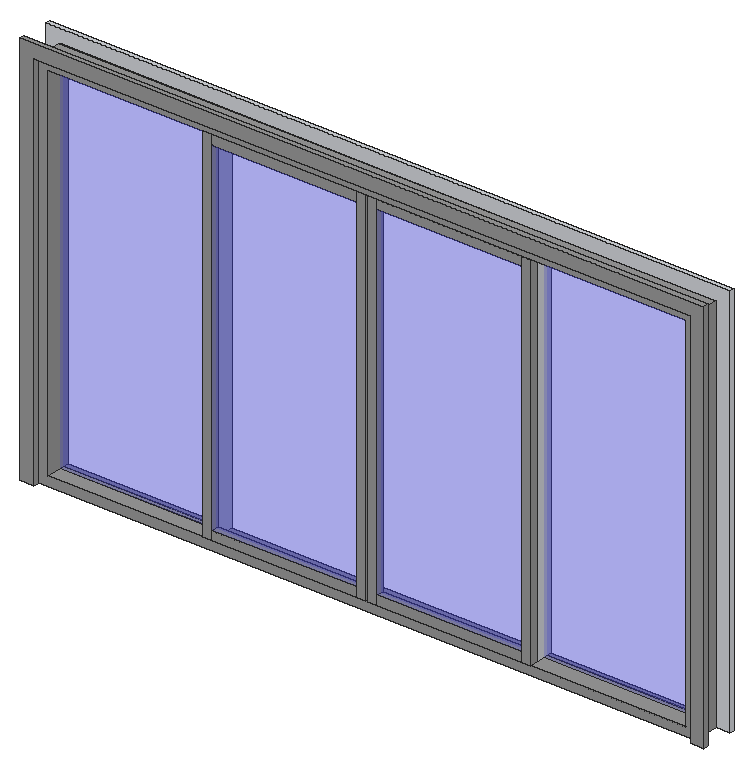
Revit family "Family76", category Doors, host Wall, Revit 2018
Family settings
  Host = Wall
  OmniClass Number = 23.30.10.00
  OmniClass Title = Doors
  Always vertical = Yes
  Cut with Voids When Loaded = No
  Shared = No
  Room Calculation Point = No
Parameters
  Visual Light Transmittance = 0
  URL = "www.skywardwindows.co.za"
  Thermal Resistance (R) = 0.2429 (m²·K)/W
  Telephone = "021 276 1800"
  Solar Heat Gain Coefficient = 0
  Slide door thickness = 42 mm
  Manufacturer = "Skyward Windows"
  Heat Transfer Coefficient (U) = 4.1165 W/(m²·K)
  Glass Thickness = 4 mm
  Glass = Glass
  Function = Interior
  Frame Projection Ext. = 25 mm
  Frame Projection Int. = 25 mm
  Frame Width = 75 mm
  Height = 2090 mm
  Wall Closure = By host
  Width = 3590 mm
  Email Address = "info@skywardwindows.co.za"
  Door thickness = 140.498 mm
  Door Frame = White
  Company Address = "Charles Matthews Street Atlantis 7349"
  Analytic Construction = "Metal frame, double glass door"
Reference planes
  plane 1: y = 0
  plane 2 "Center (Left/Right)": x = 0
  plane 3 "Left": x = -1795
  plane 4 "Right": x = 1795
  plane 5: z = 2090
  plane 6 "Exterior": y = 75
  plane 7 "Interior": y = -75
Forms (mm)
  Extrusion 1, solid, material "White" <- "Door Frame"
    sketch origin (-3050, -75, 0) x (1, 0, 0) y (0, 0, 1)
      loop
        line (1180, 0) -> (1255, 0) -> (1255, 2090) -> (4845, 2090) -> (4845, 0) -> (4920, 0) -> (4920, 2165) -> (1180, 2165) -> (1180, 0)
    from 0 to 25
  Extrusion 2, solid
    sketch origin (-3050, 75, 0) x (-1, 0, 0) y (0, 0, 1)
      loop
        line (-1255, 0) -> (-1180, 0) -> (-1180, 2165) -> (-4920, 2165) -> (-4920, 0) -> (-4845, 0) -> (-4845, 2090) -> (-1255, 2090) -> (-1255, 0)
    from 0 to 25
  Extrusion 3, solid, material "White" <- "Door Frame"
    sketch origin (0, -75, 0) x (1, 0, 0) y (0, 0, 1)
      loop
        line (-1795, 2090) -> (-1795, 0) -> (1795, 0) -> (1795, 2090) -> (-1795, 2090)
      loop
        line (-1745, 50) -> (1745, 50) -> (1745, 2040) -> (-1745, 2040) -> (-1745, 50)
    from -145.546 to -5.048
  Extrusion 4, solid, material "White" <- "Door Frame"
    sketch origin (0, -75, 0) x (1, 0, 0) y (0, 0, 1)
      loop
        line (-897.5, 2040) -> (-897.5, 50) -> (-5, 50) -> (-5, 2040) -> (-897.5, 2040)
      loop
        line (-847.5, 1990) -> (-847.5, 100) -> (-55, 100) -> (-55, 1990) -> (-847.5, 1990)
    from -47.048 to -5.048
  Extrusion 5, solid, material "White" <- "Door Frame"
    sketch origin (902.5, -75, 0) x (1, 0, 0) y (0, 0, 1)
      loop
        line (-897.5, 2040) -> (-897.5, 50) -> (-5, 50) -> (-5, 2040) -> (-897.5, 2040)
      loop
        line (-847.5, 1990) -> (-847.5, 100) -> (-55, 100) -> (-55, 1990) -> (-847.5, 1990)
    from -47.048 to -5.048
  Extrusion 6, solid
    sketch origin (0, 0, 0) x (1, 0, 0) y (0, 1, 0)
      loop
        line (-897.5, -27.952) -> (-847.693, -27.952) -> (-847.693, 70.546) -> (-897.5, 70.546) -> (-897.5, -27.952)
      loop
        line (897.5, -27.952) -> (897.5, 70.546) -> (847.388, 70.546) -> (847.388, -27.952) -> (897.5, -27.952)
    from 50 to 2040
  Extrusion 7, solid, material "Glass" <- "Glass"
    sketch origin (0, -8.75, 0) x (1, 0, 0) y (0, 1, 0)
      loop
        line (-1745, 49.5) -> (-1745, 45.5) -> (-897.5, 45.5) -> (-897.5, 49.5) -> (-1745, 49.5)
      loop
        line (-897.5, 25.5) -> (-1745, 25.5) -> (-1745, 21.5) -> (-897.5, 21.5) -> (-897.5, 25.5)
    from 50 to 2040
  Extrusion 8, solid, material "Glass" <- "Glass"
    sketch origin (0, -5, 0) x (1, 0, 0) y (0, 1, 0)
      loop
        line (897.5, 49.5) -> (897.5, 45.5) -> (1745, 45.5) -> (1745, 49.5) -> (897.5, 49.5)
      loop
        line (897.5, 25.5) -> (897.5, 21.5) -> (1745, 21.5) -> (1745, 25.5) -> (897.5, 25.5)
    from 50 to 2040
  Extrusion 9, solid, material "Glass" <- "Glass"
    sketch origin (842.5, -89.022, 0) x (1, 0, 0) y (0, 1, 0)
      loop
        line (-1690, 49.5) -> (-1690, 45.5) -> (-897.5, 45.5) -> (-897.5, 49.5) -> (-1690, 49.5)
      loop
        line (-897.5, 25.5) -> (-1690, 25.5) -> (-1690, 21.5) -> (-897.5, 21.5) -> (-897.5, 25.5)
    from 50 to 2040
  Extrusion 10, solid, material "Glass" <- "Glass"
    sketch origin (1745, -89.022, 0) x (1, 0, 0) y (0, 1, 0)
      loop
        line (-1690, 49.5) -> (-1690, 45.5) -> (-897.5, 45.5) -> (-897.5, 49.5) -> (-1690, 49.5)
      loop
        line (-897.5, 25.5) -> (-1690, 25.5) -> (-1690, 21.5) -> (-897.5, 21.5) -> (-897.5, 25.5)
    from 50 to 2040
Lines and regions (mm)
  Opening 1
    outline origin (-3050, -75, 0) x (1, 0, 0) y (0, 0, 1)
      loop
        line (1255, 0) -> (4845, 0) -> (4845, 2090) -> (1255, 2090) -> (1255, 0)
  symbolic lines, style "Elevation Swing"
    curve 1: line (1795, -75, 1045) -> (-1795, -75, 2090)
    curve 2: line (1795, -75, 1045) -> (-1795, -75, 0)
Text (mm)
  text "Exterior" at (-2295.016, 1099.543, 0), in view "Ref. Level"
  text "Exterior" at (0, 1615.38, 3698.081), in view "Left"
  text "Exterior" at (0, 1036.032, 3874.932), in view "Right"
Dimensions and locks
  equal spacing: plane 3 "Left", plane 2 "Center (Left/Right)", plane 4 "Right"
  "Width": plane 3 "Left" to plane 4 "Right"
  "Height": plane 5 to host wall
  equal spacing: host wall, curve 2, plane 5
  host wall to plane 5 = 2090 mm
  "Frame Projection Ext.": Extrusion 2 to Extrusion 2
  "Frame Projection Int.": Extrusion 1 to Extrusion 1
  "Frame Width": plane 3 "Left" to Extrusion 1 sketch curve
  "Frame Width": plane 4 "Right" to Extrusion 1 sketch curve
  "Frame Width": Extrusion 1 sketch curve to plane 5
  "Frame Width": plane 4 "Right" to Extrusion 2 sketch curve
  "Frame Width": plane 3 "Left" to Extrusion 2 sketch curve
  "Frame Width": plane 5 to Extrusion 2 sketch curve
  locked: plane 6 "Exterior" to host wall at 0
  locked: plane 7 "Interior" to host wall
  "Door thickness": Extrusion 3 to Extrusion 3
  "Slide door thickness": Extrusion 4 to Extrusion 4
  "Slide door thickness": Extrusion 5 to Extrusion 5
  "Glass Thickness": Extrusion 8 to Extrusion 8  (x2)
  aligned and locked: plane 3 "Left" to Opening 1 sketch curve
  aligned and locked: plane 5 to Opening 1 sketch curve  (x2)
  aligned and locked: Opening 1 sketch curve to plane 4 "Right"
  aligned and locked: Opening 1 sketch curve to level
  aligned and locked: level to Extrusion 1 sketch curve
  aligned and locked: plane 5 to Extrusion 1 sketch curve  (x2)
  aligned and locked: Extrusion 1 sketch curve to plane 4 "Right"
  aligned and locked: plane 3 "Left" to Extrusion 1 sketch curve
  aligned and locked: plane 3 "Left" to Extrusion 2 sketch curve
  aligned and locked: plane 5 to Extrusion 2 sketch curve  (x2)
  aligned and locked: level to Extrusion 2 sketch curve
  aligned and locked: plane 5 to curve 1
  aligned and locked: plane 3 "Left" to curve 2
  aligned and locked: plane 1 to host wall
  aligned and locked: plane 3 "Left" to curve 1
  aligned and locked: Extrusion 3 to Extrusion 4
  aligned and locked: Extrusion 6 sketch curve to Extrusion 4  (x2)
  aligned and locked: Extrusion 3 to Extrusion 6 sketch curve
  aligned and locked: Extrusion 6 sketch curve to Extrusion 5  (x2)
  aligned and locked: Extrusion 6 sketch curve to Extrusion 3
  aligned and locked: Extrusion 3 to Extrusion 7 sketch curve
  aligned and locked: Extrusion 7 sketch curve to Extrusion 3
  aligned and locked: Extrusion 3 to Extrusion 8 sketch curve  (x2)
  aligned and locked: Extrusion 8 to Extrusion 3  (x2)
  aligned and locked: Extrusion 7 to Extrusion 3  (x2)
Automatic sketch dimensions
  curve 2 to level = 0 mm
  plane 4 "Right" to curve 2 = 0 mm
  Extrusion 1 sketch curve to level = 0 mm
  plane 4 "Right" to Extrusion 2 sketch curve = 0 mm
  Extrusion 2 sketch curve to level = 0 mm
  Extrusion 3 sketch curve to level = 0 mm
  plane 3 "Left" to Extrusion 3 sketch curve = 0 mm
  plane 4 "Right" to Extrusion 3 sketch curve = 0 mm
  Extrusion 3 sketch curve to plane 5 = 0 mm
  Extrusion 3 sketch curve to plane 3 "Left" = 50 mm
  plane 4 "Right" to Extrusion 3 sketch curve = 50 mm
  level to Extrusion 3 sketch curve = 50 mm
  plane 5 to Extrusion 3 sketch curve = 50 mm
  level to Extrusion 4 sketch curve = 50 mm
  Extrusion 4 sketch curve to plane 2 "Center (Left/Right)" = 897.5 mm
  Extrusion 4 sketch curve to Extrusion 4 sketch curve = 50 mm  (x2)
  Extrusion 4 sketch curve to plane 2 "Center (Left/Right)" = 55 mm
  Extrusion 4 sketch curve to plane 2 "Center (Left/Right)" = 5 mm
  plane 5 to Extrusion 4 sketch curve = 100 mm
  plane 5 to Extrusion 4 sketch curve = 50 mm
  Extrusion 4 sketch curve to Extrusion 4 sketch curve = 0 mm
  plane 2 "Center (Left/Right)" to Extrusion 5 sketch curve = 5 mm
  plane 2 "Center (Left/Right)" to Extrusion 5 sketch curve = 55 mm
  level to Extrusion 5 sketch curve = 100 mm
  Extrusion 5 sketch curve to Extrusion 5 sketch curve = 792.5 mm
  Extrusion 5 sketch curve to Extrusion 5 sketch curve = 50 mm
  level to Extrusion 5 sketch curve = 50 mm
  plane 5 to Extrusion 5 sketch curve = 100 mm
  plane 5 to Extrusion 5 sketch curve = 50 mm
  Extrusion 5 sketch curve to Extrusion 5 sketch curve = 0 mm
  Extrusion 6 sketch curve to Extrusion 6 sketch curve = 49.807 mm
  Extrusion 6 sketch curve to Extrusion 6 sketch curve = 50.112 mm
  Extrusion 7 sketch curve to host wall = 34.25 mm
  Extrusion 7 sketch curve to Extrusion 7 sketch curve = 847.5 mm
  Extrusion 7 sketch curve to Extrusion 7 sketch curve = 0 mm
  Extrusion 7 sketch curve to Extrusion 7 sketch curve = 4 mm  (x2)
  Extrusion 7 sketch curve to host wall = 16.75 mm
  Extrusion 8 sketch curve to host wall = 20.5 mm
  Extrusion 8 sketch curve to Extrusion 8 sketch curve = 847.5 mm
  Extrusion 8 sketch curve to Extrusion 8 sketch curve = 0 mm
  Extrusion 8 sketch curve to Extrusion 8 sketch curve = 4 mm  (x2)
  Extrusion 8 sketch curve to Extrusion 8 sketch curve = 20 mm
  Extrusion 9 sketch curve to host wall = 35.478 mm
  Extrusion 9 sketch curve to plane 2 "Center (Left/Right)" = 847.5 mm
  Extrusion 9 sketch curve to Extrusion 9 sketch curve = 0 mm  (x2)
  Extrusion 9 sketch curve to plane 2 "Center (Left/Right)" = 55 mm
  Extrusion 9 sketch curve to host wall = 7.478 mm
  Extrusion 9 sketch curve to Extrusion 9 sketch curve = 4 mm  (x2)
  plane 2 "Center (Left/Right)" to Extrusion 10 sketch curve = 55 mm
  Extrusion 10 sketch curve to Extrusion 10 sketch curve = 0 mm  (x2)
  Extrusion 10 sketch curve to host wall = 35.478 mm
  Extrusion 10 sketch curve to Extrusion 10 sketch curve = 792.5 mm
  Extrusion 10 sketch curve to host wall = 7.478 mm
  Extrusion 10 sketch curve to Extrusion 10 sketch curve = 4 mm  (x2)
